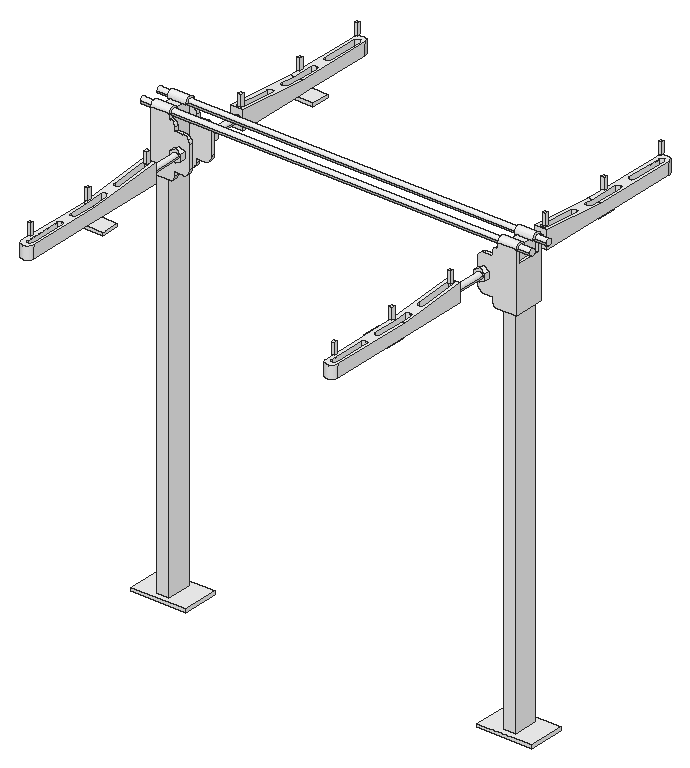
Revit family "Plumbing Fixture-Water_Closet_Carrier_Mifab_MC-42D", category Plumbing Fixtures, host Face, Revit 2013
Parameters (values of type "42D")
  WFU = 0
  URL = "www.mifab.com"
  Model = "MC-42D"
  Manufacturer = "MIFAB"
  Floor Drain Material = Paint - Sherwin Williams Paint - #952C2A - Bellwood Red
  Description = "Back To Back Fixture Carrier With Concealed Arms For Ada Lavatories"
  Default Elevation = 0.000"
  Assembly Code = ""
Reference planes (in)
  plane 1 "Center (Front/Back)": y = 0
  plane 2: z = 0
  plane 3 "Center (Left/Right)": x = 0
Forms (in)
  Extrusion 1, solid, material "Paint - Sherwin Williams Paint - #952C2A - Bellwood Red" <- "Floor Drain Material"
    sketch origin (-0.29196, 0, 0) x (1, 0, 0) y (0, 1, 0)
      loop
        line (-16.49824, 1.5) -> (-16.49824, -1.5) -> (-11.99824, -1.5) -> (-11.99824, 1.5) -> (-16.49824, 1.5)
      loop
        line (16.50176, 1.5) -> (12.00176, 1.5) -> (12.00176, -1.5) -> (16.50176, -1.5) -> (16.50176, 1.5)
    from 0 to 0.25
  Extrusion 2, solid, material "Paint - Sherwin Williams Paint - #952C2A - Bellwood Red" <- "Floor Drain Material"
    sketch origin (-0.29196, 0, 0) x (1, 0, 0) y (0, 1, 0)
      loop
        line (-14.74824, 1) -> (-14.74824, -1) -> (-13.74824, -1) -> (-13.74824, 1) -> (-14.74824, 1)
      loop
        line (14.75176, 1) -> (13.75176, 1) -> (13.75176, -1) -> (14.75176, -1) -> (14.75176, 1)
    from 0.25 to 36
  Extrusion 3, solid, material "Paint - Sherwin Williams Paint - #952C2A - Bellwood Red" <- "Floor Drain Material"
    sketch origin (-0.29196, 0, 0) x (1, 0, 0) y (0, 0, 1)
      loop
        line (-15.01765, 35.70792) -> (-15.01765, 31.20792) -> (-13.5084, 31.20792)
        arc (-13.5084, 31.20792) -> (-13.18348, 31.3425) -> (-13.0489, 31.66742) r 0.4595
        line (-13.0489, 31.66742) -> (-13.0489, 31.95792) -> (-12.40223, 31.95792)
        arc (-12.40223, 31.95792) -> (-11.99771, 32.12548) -> (-11.83015, 32.53) r 0.57208
        line (-11.83015, 32.53) -> (-11.83015, 34.38583)
        arc (-11.83015, 34.38583) -> (-11.99771, 34.79036) -> (-12.40223, 34.95792) r 0.57208
        line (-12.40223, 34.95792) -> (-13.0489, 34.95792) -> (-13.0489, 35.24842)
        arc (-13.0489, 35.24842) -> (-13.18348, 35.57333) -> (-13.5084, 35.70792) r 0.4595
        line (-13.5084, 35.70792) -> (-15.01765, 35.70792)
      loop
        line (15.02118, 35.70792) -> (13.51193, 35.70792)
        arc (13.51193, 35.70792) -> (13.18701, 35.57333) -> (13.05243, 35.24842) r 0.4595
        line (13.05243, 35.24842) -> (13.05243, 34.95792) -> (12.40576, 34.95792)
        arc (12.40576, 34.95792) -> (12.00124, 34.79036) -> (11.83368, 34.38583) r 0.57208
        line (11.83368, 34.38583) -> (11.83368, 32.53)
        arc (11.83368, 32.53) -> (12.00124, 32.12548) -> (12.40576, 31.95792) r 0.57208
        line (12.40576, 31.95792) -> (13.05243, 31.95792) -> (13.05243, 31.66742)
        arc (13.05243, 31.66742) -> (13.18701, 31.3425) -> (13.51193, 31.20792) r 0.4595
        line (13.51193, 31.20792) -> (15.02118, 31.20792) -> (15.02118, 35.70792)
    from 1 to 1.25
  Extrusion 4, solid, material "Paint - Sherwin Williams Paint - #952C2A - Bellwood Red" <- "Floor Drain Material"
    sketch origin (-0.29196, 0, 0) x (1, 0, 0) y (0, 1, 0)
      loop
        line (-15.01765, 1) -> (-15.01765, -1) -> (-14.74824, -1) -> (-14.74824, 1) -> (-15.01765, 1)
      loop
        line (15.02118, 1) -> (14.75176, 1) -> (14.75176, -1) -> (15.02118, -1) -> (15.02118, 1)
    from 31.20792 to 34.95792
  Extrusion 5, solid, material "Paint - Sherwin Williams Paint - #952C2A - Bellwood Red" <- "Floor Drain Material"
    sketch origin (-0.2902, 0, 0) x (0, 1, 0) y (0, 0, 1)
      loop
        arc (-1, 36.05469) -> (-0.8261, 36.19805) -> (-0.71854, 36) r 0.14604
        line (-0.71854, 36) -> (-0.46171, 36)
        arc (-0.46171, 36) -> (-0.82655, 36.44978) -> (-1.25, 36.05469) r 0.39604
        line (-1.25, 36.05469) -> (-1.25, 35.70792) -> (-1, 35.70792) -> (-1, 36.05469)
    from 13.51016 to 15.01941
  Extrusion 6, solid, material "Paint - Sherwin Williams Paint - #952C2A - Bellwood Red" <- "Floor Drain Material"
    sketch origin (-0.29196, 0, 0) x (0, 1, 0) y (0, 0, -1)
      loop
        line (-1, -36.05469) -> (-1, -35.70792) -> (-1.25, -35.70792) -> (-1.25, -36.05469)
        arc (-1.25, -36.05469) -> (-0.82655, -36.44978) -> (-0.46171, -36) r 0.39604
        line (-0.46171, -36) -> (-0.71854, -36)
        arc (-0.71854, -36) -> (-0.8261, -36.19805) -> (-1, -36.05469) r 0.14604
    from 13.51016 to 15.01941
  Extrusion 7, solid, material "Paint - Sherwin Williams Paint - #952C2A - Bellwood Red" <- "Floor Drain Material"
    sketch origin (63.95522, 0, 0) x (0, 1, 0) y (0, 0, 1)
      loop
        circle (-0.85396, 36.06641) r 0.25
    from -80.24542 to -48.24542
  Extrusion 8, solid, material "Paint - Sherwin Williams Paint - #952C2A - Bellwood Red" <- "Floor Drain Material"
    sketch origin (11.65492, 1.72667, 0) x (0, 1, 0) y (0, 0, 1)
      loop
        line (-6.17964, 32.8507) -> (-6.17964, 34.3425) -> (-11.80094, 33.8507) -> (-18.14504, 33.8507) -> (-18.14504, 32.8507) -> (-6.17964, 32.8507)
    from 0 to 1
  Extrusion 9, solid, material "Paint - Sherwin Williams Paint - #952C2A - Bellwood Red" <- "Floor Drain Material"
    sketch origin (-2.04196, 0, 0.26247) x (1, 0, 0) y (0, 0, 1)
      loop
        circle (14.25176, 33.3507) r 0.25
      loop
        circle (-10.74824, 33.3507) r 0.25
    from 1.88789 to 4.45296
  Extrusion 10, solid, material "Paint - Sherwin Williams Paint - #952C2A - Bellwood Red" <- "Floor Drain Material"
    sketch origin (-0.29196, 0, 0) x (1, 0, 0) y (0, 0, 1)
      loop
        line (12.05665, 33.87016) -> (12.05665, 33.35618) -> (12.50176, 33.09919) -> (12.94688, 33.35618) -> (12.94688, 33.87016) -> (12.50176, 34.12715) -> (12.05665, 33.87016)
      loop
        line (-12.05312, 33.87016) -> (-12.49824, 34.12715) -> (-12.94335, 33.87016) -> (-12.94335, 33.35618) -> (-12.49824, 33.09919) -> (-12.05312, 33.35618) -> (-12.05312, 33.87016)
    from 1.5 to 1.88789
  Extrusion 11, solid, material "Paint - Sherwin Williams Paint - #952C2A - Bellwood Red" <- "Floor Drain Material"
    sketch origin (-12.33166, 1.12131, 0) x (0, 1, 0) y (0, 0, -1)
      loop
        line (-5.57427, -32.8507) -> (-17.53967, -32.8507) -> (-17.53967, -33.8507) -> (-11.80094, -33.8507) -> (-5.57427, -34.39547) -> (-5.57427, -32.8507)
    from 0 to 1
  Extrusion 12, solid, material "Paint - Sherwin Williams Paint - #952C2A - Bellwood Red" <- "Floor Drain Material"
    sketch origin (1.46157, 0, 32.8507) x (-1, 0, 0) y (0, -1, 0)
      loop
        line (13.79323, 16.41836) -> (14.79323, 16.41836) -> (14.79323, 17)
        arc (14.79323, 17) -> (14.29323, 17.5) -> (13.79323, 17) r 0.5
        line (13.79323, 17) -> (13.79323, 16.41836)
    from 0 to 1
  Extrusion 13, solid, material "Paint - Sherwin Williams Paint - #952C2A - Bellwood Red" <- "Floor Drain Material"
    sketch origin (-2.04196, 0, 32.8507) x (1, 0, 0) y (0, 1, 0)
      loop
        line (13.69688, -16.41836) -> (13.69688, -17)
        arc (13.69688, -17) -> (14.19688, -17.5) -> (14.69688, -17) r 0.5
        line (14.69688, -17) -> (14.69688, -16.41836) -> (13.69688, -16.41836)
    from 0 to 1
  Extrusion 14, void
    sketch origin (-0.29196, 0, 0) x (1, 0, 0) y (0, 1, 0)
      loop
        line (-12.74824, -4.80094) -> (-12.74824, -7.80094)
        arc (-12.74824, -7.80094) -> (-12.49824, -8.05094) -> (-12.24824, -7.80094) r 0.25
        line (-12.24824, -7.80094) -> (-12.24824, -4.80094)
        arc (-12.24824, -4.80094) -> (-12.49824, -4.55094) -> (-12.74824, -4.80094) r 0.25
      loop
        line (-12.74824, -9.30094) -> (-12.74824, -12.30094)
        arc (-12.74824, -12.30094) -> (-12.49824, -12.55094) -> (-12.24824, -12.30094) r 0.25
        line (-12.24824, -12.30094) -> (-12.24824, -9.30094)
        arc (-12.24824, -9.30094) -> (-12.49824, -9.05094) -> (-12.74824, -9.30094) r 0.25
      loop
        line (-12.74824, -13.80094) -> (-12.74824, -16.80094)
        arc (-12.74824, -16.80094) -> (-12.49824, -17.05094) -> (-12.24824, -16.80094) r 0.25
        line (-12.24824, -16.80094) -> (-12.24824, -13.80094)
        arc (-12.24824, -13.80094) -> (-12.49824, -13.55094) -> (-12.74824, -13.80094) r 0.25
      loop
        arc (12.75176, -4.80094) -> (12.50176, -4.55094) -> (12.25176, -4.80094) r 0.25
        line (12.25176, -4.80094) -> (12.25176, -7.80094)
        arc (12.25176, -7.80094) -> (12.50176, -8.05094) -> (12.75176, -7.80094) r 0.25
        line (12.75176, -7.80094) -> (12.75176, -4.80094)
      loop
        arc (12.75176, -9.30094) -> (12.50176, -9.05094) -> (12.25176, -9.30094) r 0.25
        line (12.25176, -9.30094) -> (12.25176, -12.30094)
        arc (12.25176, -12.30094) -> (12.50176, -12.55094) -> (12.75176, -12.30094) r 0.25
        line (12.75176, -12.30094) -> (12.75176, -9.30094)
      loop
        arc (12.75176, -13.80094) -> (12.50176, -13.55094) -> (12.25176, -13.80094) r 0.25
        line (12.25176, -13.80094) -> (12.25176, -16.80094)
        arc (12.25176, -16.80094) -> (12.50176, -17.05094) -> (12.75176, -16.80094) r 0.25
        line (12.75176, -16.80094) -> (12.75176, -13.80094)
    from 33.29844 to 34.37564
  Extrusion 15, solid, material "Paint - Sherwin Williams Paint - #952C2A - Bellwood Red" <- "Floor Drain Material"
    sketch origin (-2.04196, 0, 0) x (1, 0, 0) y (0, 1, 0)
      loop
        line (14.37676, -16.67594) -> (14.12676, -16.67594) -> (14.12676, -16.92594) -> (14.37676, -16.92594) -> (14.37676, -16.67594)
      loop
        line (14.37676, -4.95816) -> (14.37676, -4.74539) -> (14.12676, -4.74539) -> (14.12676, -4.95816) -> (14.37676, -4.95816)
      loop
        line (-10.87324, -16.67594) -> (-10.87324, -16.92594) -> (-10.62324, -16.92594) -> (-10.62324, -16.67594) -> (-10.87324, -16.67594)
      loop
        line (-10.87324, -4.95816) -> (-10.62324, -4.95816) -> (-10.62324, -4.70816) -> (-10.87324, -4.70816) -> (-10.87324, -4.95816)
    from 33.29844 to 35.29844
  Extrusion 16, solid, material "Paint - Sherwin Williams Paint - #952C2A - Bellwood Red" <- "Floor Drain Material"
    sketch origin (-2.04196, 0, 0.64279) x (1, 0, 0) y (0, 1, 0)
      loop
        line (12.50176, -10.07993) -> (12.50176, -11.57993) -> (14.50176, -11.57993) -> (14.50176, -10.07993) -> (12.50176, -10.07993)
      loop
        line (-8.99824, -10.07993) -> (-10.99824, -10.07993) -> (-10.99824, -11.57993) -> (-8.99824, -11.57993) -> (-8.99824, -10.07993)
    from 31.95792 to 32.20792
  Extrusion 17, solid, material "Paint - Sherwin Williams Paint - #952C2A - Bellwood Red" <- "Floor Drain Material"
    sketch origin (-2.04196, 5.89811, 0) x (1, 0, 0) y (0, 1, 0)
      loop
        line (14.37676, -16.67594) -> (14.12676, -16.67594) -> (14.12676, -16.92594) -> (14.37676, -16.92594) -> (14.37676, -16.67594)
      loop
        line (-10.87324, -16.67594) -> (-10.87324, -16.92594) -> (-10.62324, -16.92594) -> (-10.62324, -16.67594) -> (-10.87324, -16.67594)
    from 33.29844 to 35.29844
  Extrusion 18, solid, material "Paint - Sherwin Williams Paint - #952C2A - Bellwood Red" <- "Floor Drain Material"
    sketch origin (-0.29196, 2.25, 0) x (1, 0, 0) y (0, 0, 1)
      loop
        line (-15.01765, 35.70792) -> (-15.01765, 31.20792) -> (-13.5084, 31.20792)
        arc (-13.5084, 31.20792) -> (-13.18348, 31.3425) -> (-13.0489, 31.66742) r 0.4595
        line (-13.0489, 31.66742) -> (-13.0489, 31.95792) -> (-12.40223, 31.95792)
        arc (-12.40223, 31.95792) -> (-11.99771, 32.12548) -> (-11.83015, 32.53) r 0.57208
        line (-11.83015, 32.53) -> (-11.83015, 34.38583)
        arc (-11.83015, 34.38583) -> (-11.99771, 34.79036) -> (-12.40223, 34.95792) r 0.57208
        line (-12.40223, 34.95792) -> (-13.0489, 34.95792) -> (-13.0489, 35.24842)
        arc (-13.0489, 35.24842) -> (-13.18348, 35.57333) -> (-13.5084, 35.70792) r 0.4595
        line (-13.5084, 35.70792) -> (-15.01765, 35.70792)
      loop
        line (15.02118, 35.70792) -> (13.51193, 35.70792)
        arc (13.51193, 35.70792) -> (13.18701, 35.57333) -> (13.05243, 35.24842) r 0.4595
        line (13.05243, 35.24842) -> (13.05243, 34.95792) -> (12.40576, 34.95792)
        arc (12.40576, 34.95792) -> (12.00124, 34.79036) -> (11.83368, 34.38583) r 0.57208
        line (11.83368, 34.38583) -> (11.83368, 32.53)
        arc (11.83368, 32.53) -> (12.00124, 32.12548) -> (12.40576, 31.95792) r 0.57208
        line (12.40576, 31.95792) -> (13.05243, 31.95792) -> (13.05243, 31.66742)
        arc (13.05243, 31.66742) -> (13.18701, 31.3425) -> (13.51193, 31.20792) r 0.4595
        line (13.51193, 31.20792) -> (15.02118, 31.20792) -> (15.02118, 35.70792)
    from 1 to 1.25
  Extrusion 19, solid, material "Paint - Sherwin Williams Paint - #952C2A - Bellwood Red" <- "Floor Drain Material"
    sketch origin (63.95522, 1.70792, 0) x (0, 1, 0) y (0, 0, 1)
      loop
        circle (-0.85396, 36.06641) r 0.25
    from -80.24542 to -48.24542
  Extrusion 20, solid, material "Paint - Sherwin Williams Paint - #952C2A - Bellwood Red" <- "Floor Drain Material"
    sketch origin (-0.2902, 0, 0) x (0, -1, 0) y (0, 0, -1)
      loop
        line (-1, -36.05469) -> (-1, -35.70792) -> (-1.25, -35.70792) -> (-1.25, -36.05469)
        arc (-1.25, -36.05469) -> (-0.82655, -36.44978) -> (-0.46171, -36) r 0.39604
        line (-0.46171, -36) -> (-0.71854, -36)
        arc (-0.71854, -36) -> (-0.8261, -36.19805) -> (-1, -36.05469) r 0.14604
    from 13.51016 to 15.01941
  Extrusion 21, solid, material "Paint - Sherwin Williams Paint - #952C2A - Bellwood Red" <- "Floor Drain Material"
    sketch origin (-0.29196, 0, 0) x (0, -1, 0) y (0, 0, 1)
      loop
        arc (-1, 36.05469) -> (-0.8261, 36.19805) -> (-0.71854, 36) r 0.14604
        line (-0.71854, 36) -> (-0.46171, 36)
        arc (-0.46171, 36) -> (-0.82655, 36.44978) -> (-1.25, 36.05469) r 0.39604
        line (-1.25, 36.05469) -> (-1.25, 35.70792) -> (-1, 35.70792) -> (-1, 36.05469)
    from 13.51016 to 15.01941
  Extrusion 22, solid, material "Paint - Sherwin Williams Paint - #952C2A - Bellwood Red" <- "Floor Drain Material"
    sketch origin (11.65492, -1.72667, 0) x (0, -1, 0) y (0, 0, -1)
      loop
        line (-6.17964, -32.8507) -> (-18.14504, -32.8507) -> (-18.14504, -33.8507) -> (-11.80094, -33.8507) -> (-6.17964, -34.3425) -> (-6.17964, -32.8507)
    from 0 to 1
  Extrusion 23, solid, material "Paint - Sherwin Williams Paint - #952C2A - Bellwood Red" <- "Floor Drain Material"
    sketch origin (-2.04196, 0, 0.26247) x (1, 0, 0) y (0, 0, -1)
      loop
        circle (14.25176, -33.3507) r 0.25
      loop
        circle (-10.74824, -33.3507) r 0.25
    from 1.88789 to 4.45296
  Extrusion 24, solid, material "Paint - Sherwin Williams Paint - #952C2A - Bellwood Red" <- "Floor Drain Material"
    sketch origin (-0.29196, 0, 0) x (1, 0, 0) y (0, 0, -1)
      loop
        line (12.05665, -33.87016) -> (12.50176, -34.12715) -> (12.94688, -33.87016) -> (12.94688, -33.35618) -> (12.50176, -33.09919) -> (12.05665, -33.35618) -> (12.05665, -33.87016)
      loop
        line (-12.05312, -33.87016) -> (-12.05312, -33.35618) -> (-12.49824, -33.09919) -> (-12.94335, -33.35618) -> (-12.94335, -33.87016) -> (-12.49824, -34.12715) -> (-12.05312, -33.87016)
    from 1.5 to 1.88789
  Extrusion 25, solid, material "Paint - Sherwin Williams Paint - #952C2A - Bellwood Red" <- "Floor Drain Material"
    sketch origin (-12.33166, -1.12131, 0) x (0, -1, 0) y (0, 0, 1)
      loop
        line (-5.57427, 32.8507) -> (-5.57427, 34.39547) -> (-11.80094, 33.8507) -> (-17.53967, 33.8507) -> (-17.53967, 32.8507) -> (-5.57427, 32.8507)
    from 0 to 1
  Extrusion 26, solid, material "Paint - Sherwin Williams Paint - #952C2A - Bellwood Red" <- "Floor Drain Material"
    sketch origin (1.46157, 0, 32.8507) x (-1, 0, 0) y (0, -1, 0)
      loop
        line (13.79323, -16.41836) -> (13.79323, -17)
        arc (13.79323, -17) -> (14.29323, -17.5) -> (14.79323, -17) r 0.5
        line (14.79323, -17) -> (14.79323, -16.41836) -> (13.79323, -16.41836)
    from 0 to 1
  Extrusion 27, solid, material "Paint - Sherwin Williams Paint - #952C2A - Bellwood Red" <- "Floor Drain Material"
    sketch origin (-2.04196, 0, 32.8507) x (1, 0, 0) y (0, 1, 0)
      loop
        line (13.69688, 16.41836) -> (14.69688, 16.41836) -> (14.69688, 17)
        arc (14.69688, 17) -> (14.19688, 17.5) -> (13.69688, 17) r 0.5
        line (13.69688, 17) -> (13.69688, 16.41836)
    from 0 to 1
  Extrusion 28, void
    sketch origin (-0.29196, 0, 0) x (1, 0, 0) y (0, 1, 0)
      loop
        arc (-12.74824, 4.80094) -> (-12.49824, 4.55094) -> (-12.24824, 4.80094) r 0.25
        line (-12.24824, 4.80094) -> (-12.24824, 7.80094)
        arc (-12.24824, 7.80094) -> (-12.49824, 8.05094) -> (-12.74824, 7.80094) r 0.25
        line (-12.74824, 7.80094) -> (-12.74824, 4.80094)
      loop
        arc (-12.74824, 9.30094) -> (-12.49824, 9.05094) -> (-12.24824, 9.30094) r 0.25
        line (-12.24824, 9.30094) -> (-12.24824, 12.30094)
        arc (-12.24824, 12.30094) -> (-12.49824, 12.55094) -> (-12.74824, 12.30094) r 0.25
        line (-12.74824, 12.30094) -> (-12.74824, 9.30094)
      loop
        arc (-12.74824, 13.80094) -> (-12.49824, 13.55094) -> (-12.24824, 13.80094) r 0.25
        line (-12.24824, 13.80094) -> (-12.24824, 16.80094)
        arc (-12.24824, 16.80094) -> (-12.49824, 17.05094) -> (-12.74824, 16.80094) r 0.25
        line (-12.74824, 16.80094) -> (-12.74824, 13.80094)
      loop
        line (12.75176, 4.80094) -> (12.75176, 7.80094)
        arc (12.75176, 7.80094) -> (12.50176, 8.05094) -> (12.25176, 7.80094) r 0.25
        line (12.25176, 7.80094) -> (12.25176, 4.80094)
        arc (12.25176, 4.80094) -> (12.50176, 4.55094) -> (12.75176, 4.80094) r 0.25
      loop
        line (12.75176, 9.30094) -> (12.75176, 12.30094)
        arc (12.75176, 12.30094) -> (12.50176, 12.55094) -> (12.25176, 12.30094) r 0.25
        line (12.25176, 12.30094) -> (12.25176, 9.30094)
        arc (12.25176, 9.30094) -> (12.50176, 9.05094) -> (12.75176, 9.30094) r 0.25
      loop
        line (12.75176, 13.80094) -> (12.75176, 16.80094)
        arc (12.75176, 16.80094) -> (12.50176, 17.05094) -> (12.25176, 16.80094) r 0.25
        line (12.25176, 16.80094) -> (12.25176, 13.80094)
        arc (12.25176, 13.80094) -> (12.50176, 13.55094) -> (12.75176, 13.80094) r 0.25
    from 33.29844 to 34.37564
  Extrusion 29, solid, material "Paint - Sherwin Williams Paint - #952C2A - Bellwood Red" <- "Floor Drain Material"
    sketch origin (-2.04196, 0, 0) x (1, 0, 0) y (0, 1, 0)
      loop
        line (14.37676, 16.67594) -> (14.37676, 16.92594) -> (14.12676, 16.92594) -> (14.12676, 16.67594) -> (14.37676, 16.67594)
      loop
        line (14.37676, 4.95816) -> (14.12676, 4.95816) -> (14.12676, 4.74539) -> (14.37676, 4.74539) -> (14.37676, 4.95816)
      loop
        line (-10.87324, 16.67594) -> (-10.62324, 16.67594) -> (-10.62324, 16.92594) -> (-10.87324, 16.92594) -> (-10.87324, 16.67594)
      loop
        line (-10.87324, 4.95816) -> (-10.87324, 4.70816) -> (-10.62324, 4.70816) -> (-10.62324, 4.95816) -> (-10.87324, 4.95816)
    from 33.29844 to 35.29844
  Extrusion 30, solid, material "Paint - Sherwin Williams Paint - #952C2A - Bellwood Red" <- "Floor Drain Material"
    sketch origin (-2.04196, 0, 0.64279) x (1, 0, 0) y (0, 1, 0)
      loop
        line (12.50176, 10.07993) -> (14.50176, 10.07993) -> (14.50176, 11.57993) -> (12.50176, 11.57993) -> (12.50176, 10.07993)
      loop
        line (-8.99824, 10.07993) -> (-8.99824, 11.57993) -> (-10.99824, 11.57993) -> (-10.99824, 10.07993) -> (-8.99824, 10.07993)
    from 31.95792 to 32.20792
  Extrusion 31, solid, material "Paint - Sherwin Williams Paint - #952C2A - Bellwood Red" <- "Floor Drain Material"
    sketch origin (-2.04196, -5.89811, 0) x (1, 0, 0) y (0, 1, 0)
      loop
        line (14.37676, 16.67594) -> (14.37676, 16.92594) -> (14.12676, 16.92594) -> (14.12676, 16.67594) -> (14.37676, 16.67594)
      loop
        line (-10.87324, 16.67594) -> (-10.62324, 16.67594) -> (-10.62324, 16.92594) -> (-10.87324, 16.92594) -> (-10.87324, 16.67594)
    from 33.29844 to 35.29844
Cuts and joins
  Extrusion 14, Extrusion 28 cuts Extrusion 8
  Extrusion 14, Extrusion 28 cuts Extrusion 11
  Extrusion 14, Extrusion 28 cuts Extrusion 12
  Extrusion 14, Extrusion 28 cuts Extrusion 13
  Extrusion 14, Extrusion 28 cuts Extrusion 15
  Extrusion 14, Extrusion 28 cuts Extrusion 17
  Extrusion 28 cuts Extrusion 22
  Extrusion 28 cuts Extrusion 25
  Extrusion 28 cuts Extrusion 26
  Extrusion 28 cuts Extrusion 27
  Extrusion 28 cuts Extrusion 29
  Extrusion 28 cuts Extrusion 31
  joined: Extrusion 2, Extrusion 3, Extrusion 4, Extrusion 5, Extrusion 6, Extrusion 7, Extrusion 8, Extrusion 10, Extrusion 11, Extrusion 12, Extrusion 13, Extrusion 15, Extrusion 16, Extrusion 17, Extrusion 18, Extrusion 19, Extrusion 20, Extrusion 21, Extrusion 22, Extrusion 23, Extrusion 24, Extrusion 25, Extrusion 26, Extrusion 27, Extrusion 29, Extrusion 30, Extrusion 31
Dimensions and locks (in)
  Extrusion 1 sketch curve to Extrusion 1 sketch curve = 24.000"  (x2)
  locked: Extrusion 1 sketch curve to Extrusion 1 sketch curve at 4.5  (x2)
  aligned and locked: plane 2 to host face
  aligned and locked: level to host face
  aligned and locked: Extrusion 2 to Extrusion 1
  aligned and locked: Extrusion 3 to Extrusion 2
  aligned and locked: Extrusion 4 to Extrusion 3  (x2)
  aligned and locked: Extrusion 2 to Extrusion 4  (x2)
  aligned and locked: Extrusion 11 to Extrusion 9
  aligned and locked: Extrusion 3 to Extrusion 20
  aligned and locked: Extrusion 5 to Extrusion 3
  aligned and locked: Extrusion 6 to Extrusion 3
  aligned and locked: Extrusion 21 to Extrusion 3
  aligned and locked: Extrusion 6 to Extrusion 2
  aligned and locked: Extrusion 21 to Extrusion 2
  aligned and locked: Extrusion 5 to Extrusion 20
  aligned and locked: Extrusion 5 to Extrusion 6
  aligned and locked: Extrusion 5 to Extrusion 2
  aligned and locked: Extrusion 20 to Extrusion 2
  aligned and locked: Extrusion 10 to Extrusion 9
  aligned and locked: Extrusion 13 to cut or joined group 1 (Extrusion 2, Extrusion 3, Extrusion 4, Extrusion 5, Extrusion 6, Extrusion 7, Extrusion 8, Extrusion 10, Extrusion 11, Extrusion 12, Extrusion 13, Extrusion 14, Extrusion 15, Extrusion 16, Extrusion 17, Extrusion 18, Extrusion 19, Extrusion 20, Extrusion 21, Extrusion 22, Extrusion 23, Extrusion 24, Extrusion 25, Extrusion 26, Extrusion 27, Extrusion 28, Extrusion 29, Extrusion 30, Extrusion 31)
  aligned and locked: Extrusion 11 to cut or joined group 1  (x2)
  aligned and locked: Extrusion 23 to Extrusion 25
  aligned and locked: Extrusion 23 to Extrusion 24
  aligned and locked: Extrusion 22 to Extrusion 27
  aligned and locked: Extrusion 8 to Extrusion 13
  aligned and locked: Extrusion 13 to Extrusion 8
